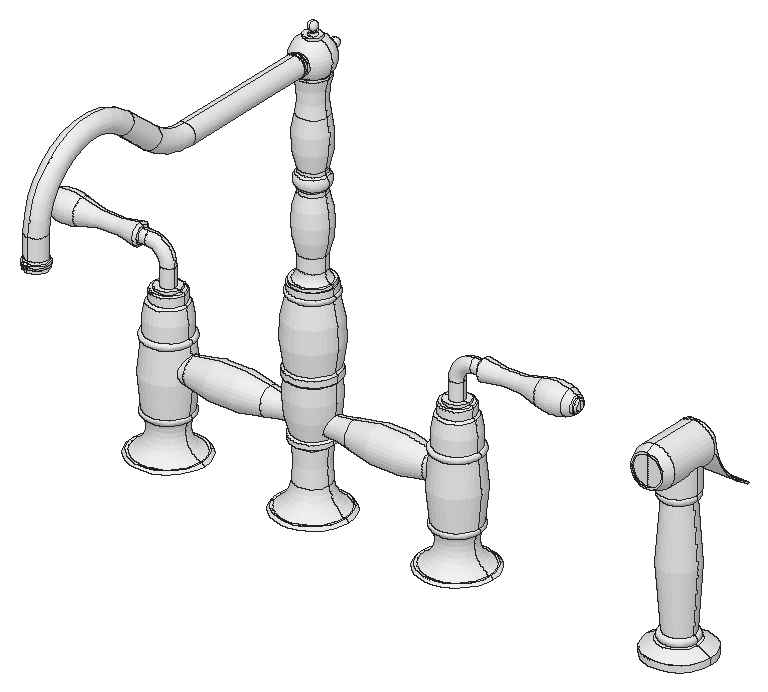
Revit family "Faucet_Kitchen-DXV-Victorian-D35402250_Series", category Plumbing Fixtures, Revit 2019
Family settings
  Round Connector Dimension = Use Diameter
  Part Type = Normal
  OmniClass Number = 23.45.55.17
  OmniClass Title = Mixing Faucets
  Work Plane-Based = Yes
  Always vertical = No
  Cut with Voids When Loaded = No
  Shared = Yes
  Room Calculation Point = No
Parameters (values of type "D35402250.100")
  Width = 4 3/8"  # constant formula
  Waste Connection = no
  Warranty Documentation Link = "https://www.dxv.com/-/media/files/dxv/warranty/dxv_warranty_booklet.ashx"
  WFU = 2  # constant formula
  Vent Connection = no
  URL = "http://www.dxv.com/"
  Tempered Water Connection Diameter = 1/2"  # constant formula
  Tempered Water Connection = yes
  Side Spray Radius = if(Side Spray Option, 3/16", 0")  # 3/16"
  Side Spray Option = yes
  Side Spray Diameter = Side Spray Radius * 2  # 3/8"
  Side Spray Connection Description = if(Side Spray Option, "3/8'' Supply Inlet", " ")  # "3/8'' Supply Inlet"
  Product Page URL = "https://www.dxv.com/product/victorian-bridge-kitchen-faucet-by-dxv"
  Product Documentation Link = "https://dxv01.blob.core.windows.net/dxv-product-pdf-files/spec_D35402250_DXV_Victorian_bridge_kitch_EN.PDF"
  Price = "Prices may vary. Please consult Manufacturer Representative for most up-to-date price list."  # constant formula
  Model = "D35402250.100"
  Material = "Brass-DXV-100-Polished Chrome"
  Manufacturer = "DXV"  # constant formula
  Length = 8 7/8"  # constant formula
  Installation Type = "Deck Mounted"  # constant formula
  IAPMO Compliance = "Meets or Exceeds ASME A112.18.1/ CSA B125.1/NSF 61/Section 9"  # constant formula
  Hot Water Connection Diameter = 1/2"  # constant formula
  Height = 12"  # constant formula
  HWFU = 1.5  # constant formula
  HW Connection = yes
  Flow Rate = "1.8 gpm (6.8 L/min)"  # constant formula
  Finish = Brass-DXV-100-Polished Chrome
  Description = "VICTORIAN BRIDGE KITCHEN FAUCET"  # constant formula
  Default Elevation = 0"
  Creation Date = "07/20/2022"  # constant formula
  Cold Water Connection Diameter = 1/2"  # constant formula
  CalGreen Compliant = yes
  CWFU = 1.5  # constant formula
  CW Connection = yes
  Assembly Code = "D2020300"
Reference planes (in)
  plane 1 "Center (Front/Back)": y = 0
  plane 2: z = 0
  plane 3 "Center (Left/Right)": x = -0.0625
  plane 4: z = 10.125
  plane 5: z = 13.0625
  plane 6: y = -9.5
  plane 7: x = 7.28125
  plane 8: x = -7.40625
  plane 9: z = 5.5
  plane 10: x = 10
  plane 11: z = 11.59375
  plane 12: x = -4.03125
  plane 13: x = 3.90625
Forms (in)
  Revolve 1, solid, material "Brass-DXV-100-Polished Chrome" <- "Finish"
    sketch origin (-0.03125, 0, 0) x (1, 0, 0) y (0, 0, 1)
      loop
        arc (0.42043, 0.72983) -> (0.39478, 1.19837) -> (0.42043, 1.66692) r 4.2923
        line (0.42043, 1.66692) -> (0.42043, 1.70983) -> (0.53444, 1.76299) -> (0.53444, 1.87813) -> (0.46995, 1.92328)
        arc (0.46995, 1.92328) -> (0.62384, 2.61275) -> (0.62026, 3.31917) r 3.15094
        line (0.62026, 3.31917) -> (0.64831, 3.34722) -> (0.64831, 3.51012) -> (0.6047, 3.58565)
        arc (0.6047, 3.58565) -> (0.69254, 4.45759) -> (0.5401, 5.32058) r 3.19414
        arc (0.5401, 5.32058) -> (0.59085, 5.3848) -> (0.54363, 5.45166) r 0.06836
        line (0.54363, 5.45166) -> (0.54363, 5.62101) -> (0.50621, 5.62101) -> (0.50621, 5.69198) -> (0.43363, 5.69198)
        arc (0.43363, 5.69198) -> (0.34568, 5.81671) -> (0.31705, 5.96663) r 0.36151
        line (0.31705, 5.96663) -> (0.31705, 6.34318)
        arc (0.31705, 6.34318) -> (0.44533, 7.09318) -> (0.31705, 7.84318) r 2.2566
        line (0.31705, 7.84318) -> (0.31705, 7.94422) -> (0.3613, 8.00742)
        arc (0.3613, 8.00742) -> (0.40614, 8.14961) -> (0.3613, 8.2918) r 0.2479
        line (0.3613, 8.2918) -> (0.31705, 8.355) -> (0.31705, 8.44425)
        arc (0.31705, 8.44425) -> (0.43223, 9.10811) -> (0.36364, 9.77839) r 2.46882
        arc (0.36364, 9.77839) -> (0.31651, 10.25317) -> (0.40235, 10.72249) r 1.71051
        line (0.40235, 10.72249) -> (0.40235, 10.78263) -> (0.36272, 10.78263)
        arc (0.36272, 10.78263) -> (0.46647, 11.36932) -> (-0.03125, 11.69679) r 0.54198
        line (-0.03125, 11.69679) -> (-0.03125, 0) -> (0.94726, 0) -> (0.88577, 0.07632) -> (0.83334, 0.07632)
        arc (0.83334, 0.07632) -> (0.55126, 0.35529) -> (0.42043, 0.72983) r 0.87967
      axis (-0.03125, 11.69679) -> (-0.03125, 0)
    angle from 0 to 360
  Revolve 2, solid, material "Brass-DXV-100-Polished Chrome" <- "Finish"
    sketch origin (-0.0625, 0, 0.15303) x (0, 1, 0) y (0, 0, 1)
      loop
        line (0, 11.44854) -> (0, 11.85924)
        arc (0, 11.85924) -> (-0.10867, 11.76989) -> (-0.04201, 11.646) r 0.11076
        line (-0.04201, 11.646) -> (-0.04201, 11.60841)
        arc (-0.04201, 11.60841) -> (-0.05206, 11.58548) -> (-0.07572, 11.57732) r 0.03119
        arc (-0.07572, 11.57732) -> (-0.08288, 11.54995) -> (-0.10849, 11.53794) r 0.03333
        line (-0.10849, 11.53794) -> (-0.23069, 11.53794) -> (-0.23069, 11.44854) -> (0, 11.44854)
      axis (0, 11.85924) -> (0, 11.44854)
    angle from 0 to 360
  Revolve 3, solid, material "Brass-DXV-100-Polished Chrome" <- "Finish"
    sketch origin (-0.0625, -11.2832, 11.43941) x (0, 0, -1) y (0, 1, 0)
      loop
        line (0.28125, 11.72979) -> (0.28125, 12.14237)
        arc (0.28125, 12.14237) -> (0.17108, 12.05321) -> (0.23533, 11.92688) r 0.11264
        line (0.23533, 11.92688) -> (0.23533, 11.88848)
        arc (0.23533, 11.88848) -> (0.22539, 11.86616) -> (0.20213, 11.85864) r 0.03001
        arc (0.20213, 11.85864) -> (0.19176, 11.83086) -> (0.1645, 11.81919) r 0.03767
        line (0.1645, 11.81919) -> (0.05056, 11.81919) -> (0.05056, 11.72979) -> (0.28125, 11.72979)
      axis (0.28125, 12.14237) -> (0.28125, 11.72979)
    angle from 0 to 360
  Revolve 4, solid, material "Brass-DXV-100-Polished Chrome" <- "Finish"
    sketch origin (-0.0625, 11.31445, 11.43941) x (0, 0, -1) y (0, -1, 0)
      loop
        line (0.28125, 11.72979) -> (0.28125, 11.94188) -> (0.00369, 11.94188) -> (0.00369, 11.90725)
        arc (0.00369, 11.90725) -> (-0.00683, 11.88295) -> (0.00369, 11.85864) r 0.03335
        arc (0.00369, 11.85864) -> (0.01776, 11.83892) -> (0.00369, 11.81919) r 0.02086
        line (0.00369, 11.81919) -> (0.00369, 11.72979) -> (0.28125, 11.72979)
      axis (0.28125, 11.94188) -> (0.28125, 11.72979)
    angle from 0 to 360
  Revolve 5, solid, material "Brass-DXV-100-Polished Chrome" <- "Finish"
    sketch origin (0, 0, 0) x (1, 0, 0) y (0, 0, 1)
      loop
        line (-4.03125, 2.25) -> (3.90625, 2.25) -> (3.90625, 2.64129) -> (3.37817, 2.64129)
        arc (3.37817, 2.64129) -> (3.29785, 2.60808) -> (3.21103, 2.61204) r 0.2002
        arc (3.21103, 2.61204) -> (2.15675, 2.75222) -> (1.10246, 2.61204) r 4.03465
        arc (1.10246, 2.61204) -> (0.52233, 2.52457) -> (-0.0625, 2.57136) r 2.56236
        arc (-0.0625, 2.57136) -> (-0.64733, 2.52457) -> (-1.22746, 2.61204) r 2.56236
        arc (-1.22746, 2.61204) -> (-2.28175, 2.75222) -> (-3.33603, 2.61204) r 4.03465
        arc (-3.33603, 2.61204) -> (-3.42285, 2.60808) -> (-3.50317, 2.64129) r 0.2002
        line (-3.50317, 2.64129) -> (-4.03125, 2.64129) -> (-4.03125, 2.25)
      axis (3.90625, 2.25) -> (-4.03125, 2.25)
    angle from 0 to 360
  Revolve 6, solid, material "Brass-DXV-100-Polished Chrome" <- "Finish"
    sketch origin (0, 0, 0) x (1, 0, 0) y (0, 0, 1)
      loop
        line (-4.03125, 4.12162) -> (-4.36216, 4.12162) -> (-4.36216, 4.06323) -> (-4.44326, 4.06323) -> (-4.47113, 4.01496) -> (-4.47113, 3.79487) -> (-4.53441, 3.73158)
        arc (-4.53441, 3.73158) -> (-4.60392, 3.36123) -> (-4.59978, 2.98444) r 1.92053
        arc (-4.59978, 2.98444) -> (-4.68193, 2.92204) -> (-4.62608, 2.8353) r 0.07595
        arc (-4.62608, 2.8353) -> (-4.70564, 1.97494) -> (-4.62608, 1.11459) r 4.69147
        arc (-4.62608, 1.11459) -> (-4.66448, 1.03897) -> (-4.60139, 0.98227) r 0.06968
        arc (-4.60139, 0.98227) -> (-4.54717, 0.45617) -> (-4.90027, 0.06242) r 0.65313
        line (-4.90027, 0.06242) -> (-4.95804, 0.06242) -> (-5.02046, 0) -> (-4.03125, 0) -> (-4.03125, 4.12162)
      axis (-4.03125, 4.12162) -> (-4.03125, 0)
    angle from 0 to 360
  Revolve 7, solid, material "Brass-DXV-100-Polished Chrome" <- "Finish"
    sketch origin (0, 0, 0) x (-1, 0, 0) y (0, 0, 1)
      loop
        line (-3.90625, 4.12162) -> (-4.23716, 4.12162) -> (-4.23716, 4.06323) -> (-4.31826, 4.06323) -> (-4.34613, 4.01496) -> (-4.34613, 3.79487) -> (-4.40941, 3.73158)
        arc (-4.40941, 3.73158) -> (-4.47892, 3.36123) -> (-4.47478, 2.98444) r 1.92053
        arc (-4.47478, 2.98444) -> (-4.55693, 2.92204) -> (-4.50108, 2.8353) r 0.07595
        arc (-4.50108, 2.8353) -> (-4.58064, 1.97494) -> (-4.50108, 1.11459) r 4.69147
        arc (-4.50108, 1.11459) -> (-4.53948, 1.03897) -> (-4.47639, 0.98227) r 0.06968
        arc (-4.47639, 0.98227) -> (-4.42217, 0.45617) -> (-4.77527, 0.06242) r 0.65313
        line (-4.77527, 0.06242) -> (-4.83304, 0.06242) -> (-4.89546, 0) -> (-3.90625, 0) -> (-3.90625, 4.12162)
      axis (-3.90625, 4.12162) -> (-3.90625, 0)
    angle from 0 to 360
  Revolve 8, solid, material "Brass-DXV-100-Polished Chrome" <- "Finish"
    sketch origin (0, 0, 0) x (1, 0, 0) y (0, 0, 1)
      loop
        line (10.8776, 0) -> (10.8776, 0.17325) -> (10.54576, 0.36484) -> (10.39898, 0.36484)
        arc (10.39898, 0.36484) -> (10.49931, 0.46517) -> (10.39898, 0.56549) r 0.10033
        arc (10.39898, 0.56549) -> (10.51147, 2.20776) -> (10.39898, 3.85004) r 12.04452
        arc (10.39898, 3.85004) -> (10.49793, 3.94898) -> (10.39898, 4.04793) r 0.09894
        line (10.39898, 4.04793) -> (10.51083, 4.04793) -> (10.51083, 4.88166) -> (10, 4.88166) -> (10, 0) -> (10.8776, 0)
      axis (10, 0) -> (10, 4.88166)
    angle from 0 to 360
  Revolve 9, solid, material "Brass-DXV-100-Polished Chrome" <- "Finish"
    sketch origin (0, 0, -0.02344) x (-1, 0, 0) y (0, 0, 1)
      loop
        line (-7.2837, 5.12886) -> (-4.61259, 5.12886) -> (-4.61259, 5.3498) -> (-4.67705, 5.41426)
        arc (-4.67705, 5.41426) -> (-5.47712, 5.32283) -> (-6.26986, 5.46434) r 2.78228
        arc (-6.26986, 5.46434) -> (-6.63654, 5.52035) -> (-7.00088, 5.45064) r 1.0943
        arc (-7.00088, 5.45064) -> (-7.09536, 5.40824) -> (-7.18383, 5.35438) r 0.82913
        line (-7.18383, 5.35438) -> (-7.20767, 5.31985) -> (-7.24883, 5.296) -> (-7.2837, 5.24551) -> (-7.2837, 5.12886)
      axis (-4.61259, 5.12886) -> (-7.2837, 5.12886)
    angle from 0 to 360
  Sweep 10, solid, material "Brass-DXV-100-Polished Chrome" <- "Finish"
    path origin (0, 0, 0) x (1, 0, 0) y (0, 0, 1)
      loop
        line (3.90625, 4.12162) -> (3.90625, 4.60543)
        arc (3.90625, 4.60543) -> (4.0527, 4.95898) -> (4.40625, 5.10543) r 0.5
        line (4.40625, 5.10543) -> (4.67705, 5.10543)
    profile origin (3.90625, 0, 4.36352) x (-1, 0, 0) y (0, -1, 0)
      loop
        circle (0, 0) r 0.18079
  Sweep 11, solid, material "Brass-DXV-100-Polished Chrome" <- "Finish"
    path origin (0, 0, 0) x (-1, 0, 0) y (0, 0, 1)
      loop
        line (4.03125, 4.12162) -> (4.03125, 4.60543)
        arc (4.03125, 4.60543) -> (4.1777, 4.95898) -> (4.53125, 5.10543) r 0.5
        line (4.53125, 5.10543) -> (4.80205, 5.10543)
    profile origin (-4.03125, 0, 4.36352) x (-1, 0, 0) y (0, -1, 0)
      loop
        circle (0, 0) r 0.18079
  Revolve 12, solid, material "Brass-DXV-100-Polished Chrome" <- "Finish"
    sketch origin (10, 0, 0) x (0, 1, 0) y (0, 0, 1)
      loop
        line (0.51936, 5.5) -> (-0.82847, 5.5) -> (-1.10156, 5.39517) -> (-1.10156, 5.35082) -> (-1.04499, 5.35082) -> (-1.04499, 5.24908) -> (-1.0764, 5.33091) -> (-1.0764, 4.94918) -> (0.51936, 4.94918) -> (0.51936, 5.5)
      axis (0.51936, 4.94918) -> (-1.10156, 4.94918)
    angle from 0 to 360
  Extrusion 13, solid, material "Brass-DXV-100-Polished Chrome" <- "Finish"
    sketch origin (-0.0625, 0, 0) x (0, 1, 0) y (0, 0, 1)
      loop
        line (0.5206, 5.46685) -> (0.5206, 4.83522) -> (0.70708, 4.73454)
        arc (0.70708, 4.73454) -> (1.11981, 4.03197) -> (1.77759, 3.55105) r 2.00943
        arc (1.77759, 3.55105) -> (1.7726, 3.58922) -> (1.73838, 3.60685) r 0.04148
        arc (1.73838, 3.60685) -> (1.05566, 4.13779) -> (0.66693, 4.91037) r 1.96553
        arc (0.66693, 4.91037) -> (0.61727, 5.17833) -> (0.60063, 5.45033) r 2.23195
        arc (0.60063, 5.45033) -> (0.5906, 5.48032) -> (0.56453, 5.49823) r 0.04982
        arc (0.56453, 5.49823) -> (0.53951, 5.48681) -> (0.5206, 5.46685) r 0.07204
    from 9.52143 to 10.54387
  Extrusion 14, void
    sketch origin (0, 0, 0) x (1, 0, 0) y (0, 0, 1)
      loop
        line (10.55082, 4.94918) -> (10.55082, 5.72787) -> (9.44918, 5.72787) -> (9.44918, 4.94918)
        arc (9.44918, 4.94918) -> (10, 5.5) -> (10.55082, 4.94918) r 0.55082
    from -1.34132 to 0
  Sweep 15, solid, material "Brass-DXV-100-Polished Chrome" <- "Finish"
    path origin (-0.0625, 0, 0) x (0, 1, 0) y (0, 0, 1)
      loop
        line (-0.62743, 11.15816) -> (-4.3899, 11.15816)
        arc (-4.3899, 11.15816) -> (-5.02406, 11.26859) -> (-5.58356, 11.58686) r 1.87616
        line (-5.58356, 11.58686) -> (-6.53632, 12.37256)
        arc (-6.53632, 12.37256) -> (-8.46119, 12.61345) -> (-9.5, 10.97514) r 1.81129
        line (-9.5, 10.97514) -> (-9.5, 10.125)
    profile origin (-0.0625, -2.50866, 11.15816) x (0, 0, -1) y (1, 0, 0)
      loop
        circle (0, 0) r 0.27756
  Revolve 16, solid, material "Brass-DXV-100-Polished Chrome" <- "Finish"
    sketch origin (-0.0625, 0, 0) x (0, 1, 0) y (0, 0, 1)
      loop
        line (-9.22244, 10.12306) -> (-9.19119, 10.12306) -> (-9.19119, 10.20241) -> (-9.16713, 10.22647)
        arc (-9.16713, 10.22647) -> (-9.15888, 10.24639) -> (-9.16713, 10.26631) r 0.02817
        line (-9.16713, 10.26631) -> (-9.16713, 10.30474) -> (-9.20392, 10.3305) -> (-9.22244, 10.40261) -> (-9.22244, 10.12306)
      axis (-9.5, 10.40261) -> (-9.5, 10.12306)
    angle from 0 to 360
  Revolve 17, solid, material "Brass-DXV-100-Polished Chrome" <- "Finish"
    sketch origin (-0.0625, 0, -0.02344) x (1, 0, 0) y (0, 0, 1)
      loop
        line (-7.3462, 5.12886) -> (-4.67509, 5.12886) -> (-4.67509, 5.3498) -> (-4.73955, 5.41426)
        arc (-4.73955, 5.41426) -> (-5.53962, 5.32283) -> (-6.33236, 5.46434) r 2.78228
        arc (-6.33236, 5.46434) -> (-6.69904, 5.52035) -> (-7.06338, 5.45064) r 1.0943
        arc (-7.06338, 5.45064) -> (-7.15786, 5.40824) -> (-7.24633, 5.35438) r 0.82913
        line (-7.24633, 5.35438) -> (-7.27017, 5.31985) -> (-7.31133, 5.296) -> (-7.3462, 5.24551) -> (-7.3462, 5.12886)
      axis (-4.67509, 5.12886) -> (-7.3462, 5.12886)
    angle from 0 to 360
Cuts and joins
  joined: Revolve 2, Revolve 3, Revolve 4, Revolve 5, Revolve 6, Revolve 7, Revolve 9, Sweep 10, Sweep 11
  Extrusion 14 cuts Revolve 8
  Extrusion 14 cuts Revolve 12
  joined: Revolve 8, Revolve 12
  Extrusion 14 cuts Extrusion 13
Lines and regions (in)
  Masking region 1
    outline origin (0, 0, 0) x (1, 0, 0) y (0, 1, 0)
      loop
        line (-7.4087, 0.11665) -> (-7.4087, -0.11665) -> (-7.37383, -0.16713) -> (-7.33267, -0.19098) -> (-7.30883, -0.22552)
        arc (-7.30883, -0.22552) -> (-6.92474, -0.37485) -> (-6.51274, -0.36589) r 1.05655
        arc (-6.51274, -0.36589) -> (-5.76738, -0.19941) -> (-5.00468, -0.23908) r 2.81927
        arc (-5.00468, -0.23908) -> (-4.12385, -0.99808) -> (-3.11842, -0.41409) r 1.00236
        arc (-3.11842, -0.41409) -> (-2.28097, -0.50596) -> (-1.44353, -0.41409) r 3.86274
        arc (-1.44353, -0.41409) -> (-1.21752, -0.35842) -> (-0.98876, -0.31547) r 4.16342
        arc (-0.98876, -0.31547) -> (-0.7402, -0.70583) -> (-0.34006, -0.93832) r 0.97851
        line (-0.34006, -0.93832) -> (-0.34006, -9.29957)
        arc (-0.34006, -9.29957) -> (-0.0625, -9.84237) -> (0.21506, -9.29957) r 0.34237
        line (0.21506, -9.29957) -> (0.21506, -0.93832)
        arc (0.21506, -0.93832) -> (0.61828, -0.70287) -> (0.86648, -0.30737) r 0.97851
        arc (0.86648, -0.30737) -> (1.10971, -0.35356) -> (1.34978, -0.41409) r 4.17185
        arc (1.34978, -0.41409) -> (2.15597, -0.4993) -> (2.96217, -0.41409) r 3.85609
        arc (2.96217, -0.41409) -> (3.99855, -1.02676) -> (4.90905, -0.23908) r 1.0309
        arc (4.90905, -0.23908) -> (5.63093, -0.20382) -> (6.33799, -0.3536) r 2.81394
        arc (6.33799, -0.3536) -> (6.77445, -0.37899) -> (7.18383, -0.22552) r 1.05655
        line (7.18383, -0.22552) -> (7.20767, -0.19098) -> (7.24883, -0.16713) -> (7.2837, -0.11665) -> (7.2837, 0.11665) -> (7.24883, 0.16713) -> (7.20767, 0.19098) -> (7.18383, 0.22552)
        arc (7.18383, 0.22552) -> (6.79974, 0.37485) -> (6.38774, 0.36589) r 1.05655
        arc (6.38774, 0.36589) -> (5.64238, 0.19941) -> (4.87968, 0.23908) r 2.81927
        arc (4.87968, 0.23908) -> (3.99885, 0.99808) -> (2.99342, 0.41409) r 1.00236
        arc (2.99342, 0.41409) -> (2.15597, 0.50596) -> (1.31853, 0.41409) r 3.86274
        arc (1.31853, 0.41409) -> (1.06622, 0.35281) -> (0.81058, 0.30737) r 4.16342
        arc (0.81058, 0.30737) -> (-0.0625, 0.9256) -> (-0.93558, 0.30737) r 0.9256
        arc (-0.93558, 0.30737) -> (-1.19122, 0.35281) -> (-1.44353, 0.41409) r 4.16342
        arc (-1.44353, 0.41409) -> (-2.28097, 0.50596) -> (-3.11842, 0.41409) r 3.86274
        arc (-3.11842, 0.41409) -> (-4.12385, 0.99808) -> (-5.00468, 0.23908) r 1.00236
        arc (-5.00468, 0.23908) -> (-5.76738, 0.19941) -> (-6.51274, 0.36589) r 2.81927
        arc (-6.51274, 0.36589) -> (-6.92474, 0.37485) -> (-7.30883, 0.22552) r 1.05655
        line (-7.30883, 0.22552) -> (-7.33267, 0.19098) -> (-7.37383, 0.16713) -> (-7.4087, 0.11665)
      loop
        arc (10.55082, -0.68321) -> (10.87727, 0.02402) -> (10.51262, 0.71233) r 0.8776
        line (10.51262, 0.71233) -> (10.51262, 1.78014) -> (9.49018, 1.78014) -> (9.49018, 0.71433)
        arc (9.49018, 0.71433) -> (9.12277, 0.02574) -> (9.44918, -0.68321) r 0.8776
        line (9.44918, -0.68321) -> (9.44918, -0.82847) -> (9.55401, -1.10156) -> (10.44599, -1.10156) -> (10.55082, -0.82847) -> (10.55082, -0.68321)
  symbolic lines, detail levels fine
    curve 1: line (-7.37383, 0.16713, 0) -> (-7.37383, -0.16713, 0)
    curve 3: line (-7.30883, 0.22552, 0) -> (-7.30883, -0.22552, 0)
    curve 8: arc (-4.43226, -0.18079, 0) -> (-3.59137, 0, 0) -> (-4.43226, 0.18079, 0) r 0.43988
    curve 12: arc (-4.49742, -0.18079, 0) -> (-3.53125, 0, 0) -> (-4.49742, 0.18079, 0) r 0.5
    curve 14: arc (-3.25198, 0.38462, 0) -> (-4.09295, 0.86683, 0) -> (-4.85714, 0.27038, 0) r 0.86902
    curve 21: arc (-4.8555, -0.27534, 0) -> (-4.09034, -0.86701, 0) -> (-3.25198, -0.38462, 0) r 0.86902
    curve 25: arc (0.22291, -0.55658, 0) -> (0.54811, 0.13559, 0) -> (-0.03948, 0.62506, 0) r 0.62549
    curve 30: line (-0.34006, -0.62743, 0) -> (0.21506, -0.62743, 0)
    curve 41: arc (0.21463, -0.50367, 0) -> (0.5118, 0.02589, 0) -> (0.16819, 0.52657, 0) r 0.57488
    curve 52: arc (-0.29319, 0.52657, 0) -> (-0.63685, 0.02478, 0) -> (-0.33768, -0.50474, 0) r 0.57488
    curve 53: arc (-0.11819, 0.57218, 0) -> (-0.19551, 0.55928, 0) -> (-0.27035, 0.53599, 0) r 0.57488
    curve 54: arc (-0.08552, 0.62506, 0) -> (-0.67311, 0.13559, 0) -> (-0.34791, -0.55658, 0) r 0.62549
    curve 56: arc (0.14535, 0.53599, 0) -> (0.07144, 0.55906, 0) -> (-0.00489, 0.57199, 0) r 0.57488
    curve 76: line (7.24883, 0.16713, 0) -> (7.24883, -0.16713, 0)
    curve 78: line (7.18383, 0.22552, 0) -> (7.18383, -0.22552, 0)
    curve 83: arc (4.30726, -0.18079, 0) -> (3.46637, 0, 0) -> (4.30726, 0.18079, 0) r 0.43988
    curve 84: arc (4.44697, -0.18079, 0) -> (3.33611, 0, 0) -> (4.44697, 0.18079, 0) r 0.57014
    curve 87: arc (4.37242, -0.18079, 0) -> (3.40625, 0, 0) -> (4.37242, 0.18079, 0) r 0.5
    curve 89: arc (3.12698, 0.38462, 0) -> (3.96795, 0.86683, 0) -> (4.73214, 0.27038, 0) r 0.86902
    curve 96: arc (4.7305, -0.27534, 0) -> (3.96534, -0.86701, 0) -> (3.12698, -0.38462, 0) r 0.86902
    curve 97: arc (-0.34053, -9.39821, 0) -> (-0.0625, -9.79608, 0) -> (0.21553, -9.39821, 0) r 0.29608
    curve 99: arc (-0.34053, -9.32063, 0) -> (-0.0625, -9.83087, 0) -> (0.21553, -9.32063, 0) r 0.33087
    curve 100: line (-0.34053, -9.30379, 0) -> (-0.34053, -9.49774, 0)
    curve 101: line (0.21553, -9.30379, 0) -> (0.21553, -9.49774, 0)
    curve 111: line (9.49018, 1.73838, 0) -> (10.51262, 1.73838, 0)
    curve 115: line (9.78944, 0.60064, 0) -> (9.95577, 0.56428, 0)
    curve 116: line (9.95577, 0.56428, 0) -> (9.81054, 0.52527, 0)
    curve 117: line (9.95577, 0.56428, 0) -> (10.04423, 0.56428, 0)
    curve 118: line (10.21056, 0.60064, 0) -> (10.04423, 0.56428, 0)
    curve 119: line (10.04423, 0.56428, 0) -> (10.18946, 0.52527, 0)
    curve 126: line (9.55401, -1.10156, 0) -> (10.44599, -1.10156, 0)
  symbolic lines, detail levels medium+fine
    curve 2: line (-7.33267, 0.19098, 0) -> (-7.33267, -0.19098, 0)
    curve 4: arc (-5.0044, 0.24024, 0) -> (-4.9025, 0.25956, 0) -> (-4.80205, 0.2854, 0) r 1.61188
    curve 5: arc (-4.03125, 0.18079, 0) -> (-3.85046, 0, 0) -> (-4.03125, -0.18079, 0) r 0.18079
    curve 6: line (-4.73759, 0.18079, 0) -> (-4.03125, 0.18079, 0)
    curve 7: line (-4.73759, -0.18079, 0) -> (-4.03125, -0.18079, 0)
    curve 9: arc (-4.57197, -0.18079, 0) -> (-3.46111, 0, 0) -> (-4.57197, 0.18079, 0) r 0.57014
    curve 10: arc (-4.92219, -0.2553, 0) -> (-4.10788, -0.92362, 0) -> (-3.19456, -0.39862, 0) r 0.92679
    curve 11: arc (-4.30841, -0.18079, 0) -> (-3.70034, 0, 0) -> (-4.30841, 0.18079, 0) r 0.33091
    curve 13: arc (-4.67966, -0.18079, 0) -> (-4.13775, -0.66467, 0) -> (-3.47179, -0.37433, 0) r 0.67314
    curve 15: arc (-3.47179, 0.37433, 0) -> (-3.39379, 0.3554, 0) -> (-3.31437, 0.36701, 0) r 0.21067
    curve 16: arc (-3.13186, 0.41157, 0) -> (-3.22372, 0.39177, 0) -> (-3.31437, 0.36701, 0) r 1.72915
    curve 17: arc (-3.19456, 0.39862, 0) -> (-4.10788, 0.92362, 0) -> (-4.92219, 0.2553, 0) r 0.92679
    curve 18: arc (-3.47179, 0.37433, 0) -> (-4.13775, 0.66467, 0) -> (-4.67966, 0.18079, 0) r 0.67314
    curve 19: arc (-3.47179, -0.37433, 0) -> (-3.39379, -0.3554, 0) -> (-3.31437, -0.36701, 0) r 0.21067
    curve 20: arc (-3.13186, -0.41157, 0) -> (-3.22372, -0.39177, 0) -> (-3.31437, -0.36701, 0) r 1.72915
    curve 22: circle (-0.0625, 0, 0) r 0.09412 normal (0, 0, 1)
    curve 23: circle (-0.0625, 0, 0) r 0.23069 normal (0, 0, 1)
    curve 24: arc (0.20848, -0.46415, 0) -> (0.47417, 0.0292, 0) -> (0.15653, 0.49081, 0) r 0.53746
    curve 26: line (-0.33963, -0.46415, 0) -> (0.21463, -0.46415, 0)
    curve 27: line (-0.33768, -0.50474, 0) -> (0.2123, -0.50474, 0)
    curve 28: line (-0.34006, -0.54418, 0) -> (0.21506, -0.54418, 0)
    curve 29: line (-0.34006, -0.5928, 0) -> (0.21506, -0.5928, 0)
    curve 31: arc (-0.34006, -0.50344, 0) -> (-0.32614, -0.52381, 0) -> (-0.34006, -0.54418, 0) r 0.02187
    curve 32: arc (-0.34006, -0.54418, 0) -> (-0.35003, -0.56849, 0) -> (-0.34006, -0.5928, 0) r 0.03464
    curve 33: line (-0.33963, -0.50367, 0) -> (-0.33963, -0.46415, 0)
    curve 34: line (-0.34006, -0.5928, 0) -> (-0.34006, -0.62743, 0)
    curve 35: line (-0.34006, -0.62743, 0) -> (-0.34006, -0.93832, 0)
    curve 36: arc (0.21506, -0.50344, 0) -> (0.20114, -0.52381, 0) -> (0.21506, -0.54418, 0) r 0.02187
    curve 37: arc (0.21506, -0.54418, 0) -> (0.22503, -0.56849, 0) -> (0.21506, -0.5928, 0) r 0.03464
    curve 38: line (0.21463, -0.50367, 0) -> (0.21463, -0.46415, 0)
    curve 39: line (0.21506, -0.5928, 0) -> (0.21506, -0.62743, 0)
    curve 40: line (0.21506, -0.62743, 0) -> (0.21506, -0.93832, 0)
    curve 42: arc (0.21506, -0.67115, 0) -> (0.65734, 0.09652, 0) -> (0.02845, 0.72057, 0) r 0.72628
    curve 43: line (-0.29319, 0.49081, 0) -> (0.16819, 0.49081, 0)
    curve 44: line (-0.29319, 0.53599, 0) -> (-0.29319, 0.49081, 0)
    curve 45: line (-0.29319, 0.53599, 0) -> (-0.15496, 0.53599, 0)
    curve 46: line (-0.11818, 0.57543, 0) -> (-0.00682, 0.57543, 0)
    curve 47: line (-0.08552, 0.65695, 0) -> (-0.03948, 0.65695, 0)
    curve 48: line (-0.03948, 0.65695, 0) -> (-0.03948, 0.60048, 0)
    curve 49: arc (-0.11818, 0.57543, 0) -> (-0.12837, 0.54806, 0) -> (-0.15496, 0.53599, 0) r 0.03803
    curve 50: arc (-0.11769, 0.57543, 0) -> (-0.0973, 0.58243, 0) -> (-0.08552, 0.60048, 0) r 0.03318
    curve 51: arc (-0.28153, 0.49081, 0) -> (-0.59917, 0.0292, 0) -> (-0.33348, -0.46415, 0) r 0.53746
    curve 55: arc (-0.15345, 0.72057, 0) -> (-0.78234, 0.09652, 0) -> (-0.34006, -0.67115, 0) r 0.72628
    curve 57: line (-0.08552, 0.65695, 0) -> (-0.08552, 0.60048, 0)
    curve 58: arc (-0.03948, 0.655, 0) -> (-0.0625, 0.84148, 0) -> (-0.08552, 0.655, 0) r 0.09466
    curve 59: line (0.16819, 0.53599, 0) -> (0.02996, 0.53599, 0)
    curve 60: arc (-0.00682, 0.57543, 0) -> (0.00337, 0.54806, 0) -> (0.02996, 0.53599, 0) r 0.03803
    curve 61: arc (-0.00731, 0.57543, 0) -> (-0.0277, 0.58243, 0) -> (-0.03948, 0.60048, 0) r 0.03318
    curve 62: arc (0.21506, -0.81883, 0) -> (0.54432, -0.61586, 0) -> (0.75214, -0.28964, 0) r 0.86459
    curve 63: arc (0.21506, -0.87401, 0) -> (0.57898, -0.65531, 0) -> (0.80539, -0.29613, 0) r 0.91702
    curve 64: arc (-0.73486, 0.27461, 0) -> (-0.77056, 0.27344, 0) -> (-0.80594, 0.27831, 0) r 0.21067
    curve 65: arc (-0.99237, 0.3016, 0) -> (-0.89884, 0.29249, 0) -> (-0.80594, 0.27831, 0) r 1.72915
    curve 66: arc (-0.73486, -0.27461, 0) -> (-0.77056, -0.27344, 0) -> (-0.80594, -0.27831, 0) r 0.21067
    curve 67: arc (-0.99237, -0.3016, 0) -> (-0.89884, -0.29249, 0) -> (-0.80594, -0.27831, 0) r 1.72915
    curve 68: arc (-0.93039, -0.29613, 0) -> (-0.70398, -0.65531, 0) -> (-0.34006, -0.87401, 0) r 0.91702
    curve 69: arc (-0.87714, -0.28964, 0) -> (-0.66932, -0.61586, 0) -> (-0.34006, -0.81883, 0) r 0.86459
    curve 70: arc (0.60986, 0.27461, 0) -> (0.64556, 0.27344, 0) -> (0.68094, 0.27831, 0) r 0.21067
    curve 71: arc (0.86737, 0.3016, 0) -> (0.77384, 0.29249, 0) -> (0.68094, 0.27831, 0) r 1.72915
    curve 72: arc (0.60986, -0.27461, 0) -> (0.64556, -0.27344, 0) -> (0.68094, -0.27831, 0) r 0.21067
    curve 73: arc (0.86737, -0.3016, 0) -> (0.77384, -0.29249, 0) -> (0.68094, -0.27831, 0) r 1.72915
    curve 74: arc (0.75214, 0.28964, 0) -> (-0.0625, 0.86459, 0) -> (-0.87714, 0.28964, 0) r 0.86459
    curve 75: arc (0.80539, 0.29613, 0) -> (-0.0625, 0.91702, 0) -> (-0.93039, 0.29613, 0) r 0.91702
    curve 77: line (7.20767, 0.19098, 0) -> (7.20767, -0.19098, 0)
    curve 79: arc (4.8794, 0.24024, 0) -> (4.7775, 0.25956, 0) -> (4.67705, 0.2854, 0) r 1.61188
    curve 80: arc (3.90625, 0.18079, 0) -> (3.72546, 0, 0) -> (3.90625, -0.18079, 0) r 0.18079
    curve 81: line (4.61259, 0.18079, 0) -> (3.90625, 0.18079, 0)
    curve 82: line (4.61259, -0.18079, 0) -> (3.90625, -0.18079, 0)
    curve 85: arc (4.79719, -0.2553, 0) -> (3.98288, -0.92362, 0) -> (3.06956, -0.39862, 0) r 0.92679
    curve 86: arc (4.18341, -0.18079, 0) -> (3.57534, 0, 0) -> (4.18341, 0.18079, 0) r 0.33091
    curve 88: arc (4.55466, -0.18079, 0) -> (4.01275, -0.66467, 0) -> (3.34679, -0.37433, 0) r 0.67314
    curve 90: arc (3.34679, 0.37433, 0) -> (3.26879, 0.3554, 0) -> (3.18937, 0.36701, 0) r 0.21067
    curve 91: arc (3.00686, 0.41157, 0) -> (3.09872, 0.39177, 0) -> (3.18937, 0.36701, 0) r 1.72915
    curve 92: arc (3.06956, 0.39862, 0) -> (3.98288, 0.92362, 0) -> (4.79719, 0.2553, 0) r 0.92679
    curve 93: arc (3.34679, 0.37433, 0) -> (4.01275, 0.66467, 0) -> (4.55466, 0.18079, 0) r 0.67314
    curve 94: arc (3.34679, -0.37433, 0) -> (3.26879, -0.3554, 0) -> (3.18937, -0.36701, 0) r 0.21067
    curve 95: arc (3.00686, -0.41157, 0) -> (3.09872, -0.39177, 0) -> (3.18937, -0.36701, 0) r 1.72915
    curve 98: arc (-0.34006, -9.49934, 0) -> (-0.06026, -9.77755, 0) -> (0.21501, -9.49487, 0) r 0.27756
    curve 102: line (4.61259, 0.22094, 0) -> (4.67705, 0.2854, 0)
    curve 103: line (4.61259, 0.22094, 0) -> (4.61259, -0.22094, 0)
    curve 104: arc (4.8794, -0.24024, 0) -> (4.7775, -0.25956, 0) -> (4.67705, -0.2854, 0) r 1.61188
    curve 105: line (4.61259, -0.22094, 0) -> (4.67705, -0.2854, 0)
    curve 106: line (-4.80205, 0.2854, 0) -> (-4.73759, 0.22094, 0)
    curve 107: line (-4.73759, 0.22094, 0) -> (-4.73759, -0.22094, 0)
    curve 108: line (-4.80205, 0.2854, 0) -> (-4.80205, -0.2854, 0)
    curve 109: arc (-5.0044, -0.24024, 0) -> (-4.9025, -0.25956, 0) -> (-4.80205, -0.2854, 0) r 1.61188
    curve 110: line (-4.80205, -0.2854, 0) -> (-4.73759, -0.22094, 0)
    curve 112: spline (9.49018, 0.61989, 0) -> (9.50428, 0.61587, 0) -> (9.52035, 0.61225, 0) -> (9.53832, 0.60905, 0) -> (9.55812, 0.60628, 0) -> (9.57967, 0.60396, 0) -> (9.60289, 0.60208, 0) -> (9.62767, 0.60067, 0) -> (9.65392, 0.59972, 0) -> (9.68154, 0.59925, 0) -> (9.71041, 0.59924, 0) -> (9.74041, 0.5997, 0) -> (9.77143, 0.60064, 0)
    curve 113: spline (10.22543, 0.60064, 0) -> (10.25745, 0.60075, 0) -> (10.2884, 0.60115, 0) -> (10.31813, 0.60186, 0) -> (10.34653, 0.60287, 0) -> (10.37348, 0.60416, 0) -> (10.39886, 0.60575, 0) -> (10.42255, 0.60761, 0) -> (10.44447, 0.60975, 0) -> (10.46452, 0.61215, 0) -> (10.48261, 0.61481, 0) -> (10.49867, 0.6177, 0) -> (10.51262, 0.62083, 0)
    curve 114: line (9.77143, 0.60064, 0) -> (10.22543, 0.60064, 0)
    curve 120: line (9.44918, 0.51936, 0) -> (10.55082, 0.51936, 0)
    curve 121: line (10.51262, 0.70708, 0) -> (10.51262, 0.51936, 0)
    curve 122: line (9.49018, 0.70708, 0) -> (9.49018, 0.51936, 0)
    curve 123: line (9.44918, 0.51936, 0) -> (9.44918, -0.66872, 0)
    curve 124: line (10.55082, 0.51936, 0) -> (10.55082, -0.68321, 0)
    curve 125: line (9.44918, -0.82847, 0) -> (10.55082, -0.82847, 0)
    curve 127: line (0.16819, 0.53599, 0) -> (0.16819, 0.49081, 0)
    curve 128: line (4.67705, 0.2854, 0) -> (4.67705, -0.2854, 0)
Dimensions and locks (in)
  equal spacing: plane 5, plane 11, plane 4
  plane 8 to plane 7 = 14 11/16"
  plane 8 to plane 12 = 3 3/8"
  plane 13 to plane 7 = 3 3/8"
  plane 12 to plane 13 = 7 15/16"
  equal spacing: plane 12, plane 3 "Center (Left/Right)", plane 13
  plane 7 to plane 8 = 14 11/16"
  equal spacing: plane 7, plane 3 "Center (Left/Right)", plane 8
  plane 12 to plane 8 = 3 3/8"
  plane 7 to plane 13 = 3 3/8"
  plane 9 to level = 5 1/2"
  plane 4 to level = 10 1/8"
  plane 1 "Center (Front/Back)" to plane 6 = 9 1/2"
Automatic sketch dimensions
  Revolve 1 sketch curve to level = 0"  (x2)
  plane 12 to Revolve 1 sketch curve = 1.49101"
  Revolve 1 sketch curve to Revolve 1 sketch curve = 0.0096"
  Revolve 1 sketch curve to plane 4 = 0.93073"
  Revolve 1 sketch curve to plane 3 "Center (Left/Right)" = 2.00384"
  Revolve 1 sketch curve to plane 3 "Center (Left/Right)" = 1.78002"
  plane 3 "Center (Left/Right)" to Revolve 1 sketch curve = 0"
  plane 3 "Center (Left/Right)" to Revolve 1 sketch curve = 0.18948"
  plane 3 "Center (Left/Right)" to Revolve 1 sketch curve = 0.3483"
  Revolve 1 sketch curve to Revolve 1 sketch curve = 0.15882"  (x2)
  Revolve 1 sketch curve to Revolve 1 sketch curve = 0.04425"  (x2)
  plane 3 "Center (Left/Right)" to Revolve 1 sketch curve = 0.39397"
  Revolve 1 sketch curve to Revolve 1 sketch curve = 0.03962"
  plane 3 "Center (Left/Right)" to Revolve 1 sketch curve = 0.45168"
  plane 9 to Revolve 1 sketch curve = 0.19198"
  Revolve 1 sketch curve to Revolve 1 sketch curve = 0.11658"
  Revolve 1 sketch curve to Revolve 1 sketch curve = 0.04952"
  Revolve 1 sketch curve to Revolve 1 sketch curve = 0.07258"
  Revolve 1 sketch curve to plane 9 = 0.11336"
  Revolve 1 sketch curve to Revolve 1 sketch curve = 0.0163"
  Revolve 1 sketch curve to Revolve 1 sketch curve = 0.06448"
  Revolve 1 sketch curve to Revolve 1 sketch curve = 0.02112"
  plane 3 "Center (Left/Right)" to Revolve 1 sketch curve = 0.63595"
  Revolve 1 sketch curve to Revolve 1 sketch curve = 0.01555"
  Revolve 1 sketch curve to Revolve 1 sketch curve = 0.02805"  (x2)
  Revolve 1 sketch curve to Revolve 1 sketch curve = 0.17224"
  level to Revolve 1 sketch curve = 0.07632"
  Revolve 1 sketch curve to Revolve 1 sketch curve = 0.86459"
  Revolve 1 sketch curve to Revolve 1 sketch curve = 0.05243"
  Revolve 1 sketch curve to Revolve 1 sketch curve = 0.06149"
  Revolve 1 sketch curve to Revolve 1 sketch curve = 0.40915"
  plane 4 to Revolve 1 sketch curve = 0.0581"
  Revolve 1 sketch curve to Revolve 1 sketch curve = 1.62324"
  plane 13 to Revolve 1 sketch curve = 0.74959"
  level to Revolve 1 sketch curve = 0.82516"
  level to Revolve 1 sketch curve = 1.19837"
  Revolve 1 sketch curve to Revolve 1 sketch curve = 0.93709"
  Revolve 1 sketch curve to Revolve 1 sketch curve = 0.04291"
  Revolve 1 sketch curve to Revolve 1 sketch curve = 0.05316"
  Revolve 1 sketch curve to Revolve 1 sketch curve = 0.11514"
  Revolve 1 sketch curve to Revolve 1 sketch curve = 0.04515"
  level to Revolve 1 sketch curve = 2.95008"
  Revolve 1 sketch curve to Revolve 1 sketch curve = 0.1629"
  Revolve 1 sketch curve to Revolve 1 sketch curve = 0.07552"
  Revolve 1 sketch curve to plane 9 = 1.16126"
  Revolve 1 sketch curve to plane 9 = 0.04834"
  Revolve 1 sketch curve to Revolve 1 sketch curve = 0.07097"
  Revolve 1 sketch curve to Revolve 1 sketch curve = 0.26599"
  Revolve 1 sketch curve to Revolve 1 sketch curve = 0.37655"
  plane 9 to Revolve 1 sketch curve = 1.59318"
  Revolve 1 sketch curve to Revolve 1 sketch curve = 0.10104"
  Revolve 1 sketch curve to Revolve 1 sketch curve = 0.0632"  (x2)
  Revolve 1 sketch curve to Revolve 1 sketch curve = 0.14219"
  Revolve 1 sketch curve to Revolve 1 sketch curve = 0.08925"
  plane 4 to Revolve 1 sketch curve = 0.59749"
  Revolve 1 sketch curve to Revolve 1 sketch curve = 0.06014"
  Revolve 1 sketch curve to plane 11 = 0.43893"
  Revolve 1 sketch curve to Revolve 1 sketch curve = 0"
  Revolve 1 sketch curve to level = 0.35124"
  plane 11 to Revolve 4 sketch curve = 0.15124"
  Revolve 4 sketch curve to Revolve 4 sketch curve = 0.00679"  (x2)
  Revolve 4 sketch curve to Revolve 4 sketch curve = 0.02283"
  Revolve 4 sketch curve to Revolve 4 sketch curve = 0.27756"
  Revolve 4 sketch curve to plane 1 "Center (Front/Back)" = 0.41533"
  Revolve 4 sketch curve to Revolve 4 sketch curve = 0.08941"
  Revolve 4 sketch curve to Revolve 4 sketch curve = 0.01972"
  Revolve 4 sketch curve to Revolve 4 sketch curve = 0.04403"
  Revolve 4 sketch curve to Revolve 4 sketch curve = 0.02431"
  Revolve 4 sketch curve to Revolve 4 sketch curve = 0.2121"
  Revolve 4 sketch curve to Revolve 4 sketch curve = 0"  (x2)
  Revolve 4 sketch curve to Revolve 4 sketch curve = 0.08733"
  Revolve 5 sketch curve to plane 12 = 0"  (x2)
  Revolve 5 sketch curve to plane 3 "Center (Left/Right)" = 0"
  Revolve 5 sketch curve to plane 13 = 0"
  Revolve 5 sketch curve to Revolve 5 sketch curve = 0.52808"
  Revolve 5 sketch curve to Revolve 5 sketch curve = 0.11483"  (x2)
  plane 12 to Revolve 5 sketch curve = 1.7495"
  Revolve 5 sketch curve to plane 3 "Center (Left/Right)" = 0.4954"
  plane 3 "Center (Left/Right)" to Revolve 5 sketch curve = 0.4954"
  Revolve 5 sketch curve to plane 13 = 1.7495"
  Revolve 5 sketch curve to plane 13 = 0.64291"
  Revolve 5 sketch curve to level = 1.28243"  (x2)
  level to Revolve 5 sketch curve = 2 1/4"
  Revolve 5 sketch curve to Revolve 5 sketch curve = 0.39129"  (x2)
  Revolve 5 sketch curve to Revolve 5 sketch curve = 0.16399"  (x2)
  Revolve 5 sketch curve to plane 9 = 0.41463"  (x2)
  Revolve 5 sketch curve to plane 12 = 1/2"
  Revolve 5 sketch curve to Revolve 5 sketch curve = 0"  (x4)
  Revolve 6 sketch curve to level = 0"
  Revolve 6 sketch curve to plane 12 = 0"  (x2)
  Revolve 6 sketch curve to plane 12 = 0.33091"
  Revolve 6 sketch curve to Revolve 6 sketch curve = 0.0811"
  Revolve 6 sketch curve to Revolve 6 sketch curve = 0.02787"
  Revolve 6 sketch curve to Revolve 6 sketch curve = 0.06328"  (x2)
  Revolve 6 sketch curve to plane 12 = 0.56473"
  Revolve 6 sketch curve to plane 12 = 0.57588"
  level to Revolve 6 sketch curve = 0.06242"
  Revolve 6 sketch curve to plane 12 = 0.86902"
  Revolve 6 sketch curve to Revolve 6 sketch curve = 0.05777"
  Revolve 6 sketch curve to Revolve 6 sketch curve = 0.06242"
  Revolve 6 sketch curve to Revolve 6 sketch curve = 0.21029"
  plane 12 to Revolve 6 sketch curve = 1.34055"
  plane 3 "Center (Left/Right)" to Revolve 6 sketch curve = 0.04833"
  Revolve 6 sketch curve to Revolve 6 sketch curve = 0.59558"
  Revolve 6 sketch curve to Revolve 6 sketch curve = 0.39374"
  level to Revolve 6 sketch curve = 1.97494"
  Revolve 6 sketch curve to Revolve 6 sketch curve = 1.8571"
  Revolve 6 sketch curve to Revolve 6 sketch curve = 0.285"
  Revolve 6 sketch curve to Revolve 6 sketch curve = 0.82274"
  Revolve 6 sketch curve to Revolve 6 sketch curve = 0.2201"
  Revolve 6 sketch curve to Revolve 6 sketch curve = 0.04827"
  Revolve 6 sketch curve to Revolve 6 sketch curve = 0.05839"
  Revolve 6 sketch curve to Revolve 6 sketch curve = 0.00735"
  Revolve 6 sketch curve to Revolve 6 sketch curve = 0.00541"
  Revolve 6 sketch curve to Revolve 6 sketch curve = 0.01894"
  Revolve 6 sketch curve to Revolve 6 sketch curve = 0.25387"
  Revolve 6 sketch curve to Revolve 6 sketch curve = 0.16303"
  Revolve 7 sketch curve to level = 0"
  Revolve 7 sketch curve to plane 13 = 0"  (x2)
  Revolve 7 sketch curve to plane 13 = 0.33091"
  Revolve 7 sketch curve to Revolve 7 sketch curve = 0.0811"
  Revolve 7 sketch curve to Revolve 7 sketch curve = 0.02787"
  Revolve 7 sketch curve to Revolve 7 sketch curve = 0.06328"  (x2)
  Revolve 7 sketch curve to plane 13 = 0.56473"
  Revolve 7 sketch curve to plane 13 = 0.57588"
  Revolve 7 sketch curve to level = 0.06242"
  Revolve 7 sketch curve to plane 13 = 0.86902"
  Revolve 7 sketch curve to Revolve 7 sketch curve = 0.05777"
  Revolve 7 sketch curve to Revolve 7 sketch curve = 0.06242"
  Revolve 7 sketch curve to Revolve 7 sketch curve = 0.21029"
  plane 13 to Revolve 7 sketch curve = 1.34055"
  plane 3 "Center (Left/Right)" to Revolve 7 sketch curve = 0.04833"
  Revolve 7 sketch curve to Revolve 7 sketch curve = 0.59558"
  Revolve 7 sketch curve to Revolve 7 sketch curve = 0.39374"
  Revolve 7 sketch curve to level = 1.97494"
  Revolve 7 sketch curve to Revolve 7 sketch curve = 1.8571"
  Revolve 7 sketch curve to Revolve 7 sketch curve = 0.285"
  Revolve 7 sketch curve to Revolve 7 sketch curve = 0.82274"
  Revolve 7 sketch curve to Revolve 7 sketch curve = 0.2201"
  Revolve 7 sketch curve to Revolve 7 sketch curve = 0.04827"
  Revolve 7 sketch curve to Revolve 7 sketch curve = 0.05839"
  Revolve 7 sketch curve to Revolve 7 sketch curve = 0.00735"
  Revolve 7 sketch curve to Revolve 7 sketch curve = 0.00541"
  Revolve 7 sketch curve to Revolve 7 sketch curve = 0.01894"
  Revolve 7 sketch curve to Revolve 7 sketch curve = 0.25387"
  Revolve 7 sketch curve to Revolve 7 sketch curve = 0.16303"
  Revolve 8 sketch curve to level = 0"
  Revolve 8 sketch curve to plane 10 = 0"  (x2)
  Revolve 8 sketch curve to plane 3 "Center (Left/Right)" = 1.47055"
  plane 10 to Revolve 8 sketch curve = 0.39898"  (x2)
  Revolve 8 sketch curve to Revolve 8 sketch curve = 0.51083"
  Revolve 8 sketch curve to Revolve 8 sketch curve = 0.14677"
  Revolve 8 sketch curve to Revolve 8 sketch curve = 0.33185"
  level to Revolve 8 sketch curve = 0.17325"
  level to Revolve 8 sketch curve = 0.36484"
  Revolve 8 sketch curve to Revolve 8 sketch curve = 0.10033"
  level to Revolve 8 sketch curve = 2.20776"
  Revolve 8 sketch curve to plane 9 = 1.55102"
  Revolve 8 sketch curve to Revolve 8 sketch curve = 0.09894"
  Revolve 8 sketch curve to plane 9 = 0.61834"
  Revolve 8 sketch curve to Revolve 8 sketch curve = 0"
  plane 9 to Revolve 8 sketch curve = 0.17322"
  Revolve 8 sketch curve to Revolve 8 sketch curve = 1"
  Revolve 9 sketch curve to plane 7 = 0.00245"
  plane 7 to Revolve 9 sketch curve = 0.03242"
  Revolve 9 sketch curve to Revolve 9 sketch curve = 0.04116"
  Revolve 9 sketch curve to Revolve 9 sketch curve = 0.02385"  (x2)
  plane 7 to Revolve 9 sketch curve = 0.57196"
  Revolve 9 sketch curve to Revolve 9 sketch curve = 0.09325"
  Revolve 9 sketch curve to plane 13 = 1.48343"
  plane 9 to Revolve 9 sketch curve = 0.10917"
  Revolve 9 sketch curve to plane 13 = 0.7708"
  Revolve 9 sketch curve to Revolve 9 sketch curve = 0.06446"  (x2)
  plane 9 to Revolve 9 sketch curve = 0.16905"
  Revolve 9 sketch curve to Revolve 9 sketch curve = 0.03454"
  Revolve 9 sketch curve to Revolve 9 sketch curve = 0.05049"
  Revolve 9 sketch curve to Revolve 9 sketch curve = 0.22094"
  Revolve 9 sketch curve to Revolve 9 sketch curve = 0.45439"
  Revolve 9 sketch curve to Revolve 9 sketch curve = 0.24823"
  plane 4 to Revolve 9 sketch curve = 2.0447"
  Revolve 9 sketch curve to Revolve 9 sketch curve = 0.08054"
  Revolve 9 sketch curve to Revolve 9 sketch curve = 0"  (x3)
  Sweep 10 sketch curve to plane 13 = 0"
  Sweep 10 sketch curve to Sweep 10 sketch curve = 1/2"
  Sweep 10 sketch curve to plane 9 = 0.89457"
  Sweep 10 sketch curve to Sweep 10 sketch curve = 0.2708"
  Sweep 10 sketch curve to Sweep 10 sketch curve = 0.4838"
  plane 1 "Center (Front/Back)" to Sweep 10 sketch curve = 0"
  Sweep 10 sketch curve to profile plane = 0"
  Sweep 11 sketch curve to plane 12 = 0"
  plane 12 to Sweep 11 sketch curve = 1/2"
  plane 9 to Sweep 11 sketch curve = 0.89457"
  Sweep 11 sketch curve to Sweep 11 sketch curve = 0.2708"
  Sweep 11 sketch curve to Sweep 11 sketch curve = 0.4838"
  plane 1 "Center (Front/Back)" to Sweep 11 sketch curve = 0"
  Sweep 11 sketch curve to profile plane = 0"
  Revolve 12 sketch curve to plane 9 = 0"
  Revolve 12 sketch curve to plane 1 "Center (Front/Back)" = 0"
  plane 1 "Center (Front/Back)" to Revolve 12 sketch curve = 0.82847"
  Revolve 12 sketch curve to Revolve 12 sketch curve = 0.21652"
  Revolve 12 sketch curve to Revolve 12 sketch curve = 0.03141"
  Revolve 12 sketch curve to Revolve 12 sketch curve = 0.02516"
  Revolve 12 sketch curve to plane 1 "Center (Front/Back)" = 0.51936"
  Revolve 12 sketch curve to plane 9 = 0.10483"
  Revolve 12 sketch curve to Revolve 12 sketch curve = 0.04435"
  Revolve 12 sketch curve to Revolve 12 sketch curve = 0.01991"
  Revolve 12 sketch curve to Revolve 12 sketch curve = 0.08183"
  Revolve 12 sketch curve to Revolve 12 sketch curve = 0.2999"
  Revolve 12 sketch curve to Revolve 12 sketch curve = 0.2898"
  Revolve 12 sketch curve to Revolve 12 sketch curve = 0"
  Extrusion 13 sketch curve to plane 1 "Center (Front/Back)" = 0.5206"
  Extrusion 13 sketch curve to Extrusion 13 sketch curve = 0.03021"
  Extrusion 13 sketch curve to Extrusion 13 sketch curve = 0.03057"
  Extrusion 13 sketch curve to Extrusion 13 sketch curve = 0.18648"
  Extrusion 13 sketch curve to Extrusion 13 sketch curve = 1.03158"
  Extrusion 13 sketch curve to plane 9 = 0.11412"
  Extrusion 13 sketch curve to Extrusion 13 sketch curve = 1.867"
  Extrusion 13 sketch curve to Extrusion 13 sketch curve = 0.03596"
  Extrusion 13 sketch curve to plane 9 = 0.04967"
  Extrusion 13 sketch curve to Extrusion 13 sketch curve = 0.22255"
  Extrusion 13 sketch curve to Extrusion 13 sketch curve = 0.61511"
  Extrusion 13 sketch curve to Extrusion 13 sketch curve = 0.10069"
  Extrusion 13 sketch curve to Extrusion 13 sketch curve = 1.16916"
  Extrusion 13 sketch curve to Extrusion 13 sketch curve = 0.00594"
  Extrusion 13 sketch curve to Extrusion 13 sketch curve = 0.02214"
  Extrusion 13 sketch curve to Extrusion 13 sketch curve = 0.01652"
  Extrusion 13 sketch curve to plane 9 = 0.00177"
  Extrusion 13 sketch curve to Extrusion 13 sketch curve = 0"  (x2)
  Extrusion 13 sketch curve to Extrusion 13 sketch curve = 0.00028"
  Extrusion 14 sketch curve to plane 10 = 0"
  plane 9 to Extrusion 14 sketch curve = 0.22787"
  Extrusion 14 sketch curve to plane 10 = 0.55082"
  Extrusion 14 sketch curve to plane 9 = 0.55082"
  Sweep 15 sketch curve to plane 6 = 0"
  Sweep 15 sketch curve to plane 4 = 0"
  Sweep 15 sketch curve to plane 11 = 0.61861"
  Sweep 15 sketch curve to plane 6 = 1.81129"
  Sweep 15 sketch curve to plane 5 = 0.68994"
  Sweep 15 sketch curve to plane 11 = 0.00689"
  Sweep 15 sketch curve to Sweep 15 sketch curve = 0.95276"
  Sweep 15 sketch curve to plane 5 = 0.02817"
  Sweep 15 sketch curve to Sweep 15 sketch curve = 1.19366"
  plane 1 "Center (Front/Back)" to Sweep 15 sketch curve = 0.62743"
  Sweep 15 sketch curve to plane 3 "Center (Left/Right)" = 0"
  Sweep 15 sketch curve to profile plane = 0"
  Revolve 16 sketch curve to plane 6 = 0"
  Revolve 16 sketch curve to plane 6 = 0.27756"
  Revolve 16 sketch curve to Revolve 16 sketch curve = 0.01852"
  Revolve 16 sketch curve to Revolve 16 sketch curve = 1/32"
  Revolve 16 sketch curve to Revolve 16 sketch curve = 0.00413"
  Revolve 16 sketch curve to Revolve 16 sketch curve = 0.03679"
  plane 4 to Revolve 16 sketch curve = 0.10147"
  Revolve 16 sketch curve to Revolve 16 sketch curve = 0.01992"  (x2)
  Revolve 16 sketch curve to Revolve 16 sketch curve = 0.02405"
  Revolve 16 sketch curve to plane 4 = 0.00194"
  Revolve 16 sketch curve to Revolve 16 sketch curve = 0.03843"
  Revolve 16 sketch curve to Revolve 16 sketch curve = 0.02576"
  Revolve 16 sketch curve to Revolve 16 sketch curve = 0.07211"
  plane 4 to Revolve 16 sketch curve = 0.03005"
  Revolve 16 sketch curve to Revolve 16 sketch curve = 0.225"
  Revolve 17 sketch curve to plane 8 = 0.00245"
  plane 8 to Revolve 17 sketch curve = 0.03242"
  Revolve 17 sketch curve to Revolve 17 sketch curve = 0.04116"
  Revolve 17 sketch curve to Revolve 17 sketch curve = 0.02385"  (x2)
  plane 8 to Revolve 17 sketch curve = 0.57196"
  Revolve 17 sketch curve to Revolve 17 sketch curve = 0.09325"
  Revolve 17 sketch curve to plane 12 = 1.48343"
  Revolve 17 sketch curve to plane 9 = 0.10917"
  Revolve 17 sketch curve to plane 12 = 0.7708"
  Revolve 17 sketch curve to Revolve 17 sketch curve = 0.06446"  (x2)
  Revolve 17 sketch curve to plane 9 = 0.16905"
  Revolve 17 sketch curve to Revolve 17 sketch curve = 0.03454"
  Revolve 17 sketch curve to Revolve 17 sketch curve = 0.05049"
  Revolve 17 sketch curve to Revolve 17 sketch curve = 0.22094"
  Revolve 17 sketch curve to Revolve 17 sketch curve = 0.45439"
  Revolve 17 sketch curve to Revolve 17 sketch curve = 0.24823"
  Revolve 17 sketch curve to plane 4 = 2.0447"
  Revolve 17 sketch curve to Revolve 17 sketch curve = 0.08054"
  Revolve 17 sketch curve to Revolve 17 sketch curve = 0"  (x3)
  Masking region 1 sketch curve to Masking region 1 sketch curve = 0"  (x14)
  plane 1 "Center (Front/Back)" to Masking region 1 sketch curve = 0"  (x4)
  Masking region 1 sketch curve to plane 12 = 0"
  Masking region 1 sketch curve to plane 3 "Center (Left/Right)" = 0"  (x2)
  Masking region 1 sketch curve to plane 13 = 0"
  Masking region 1 sketch curve to plane 10 = 0"
  plane 6 to Masking region 1 sketch curve = 0"
  Masking region 1 sketch curve to plane 12 = 1.4999"  (x2)
  plane 8 to Masking region 1 sketch curve = 0.66498"  (x2)
  plane 8 to Masking region 1 sketch curve = 0.09742"  (x2)
  Masking region 1 sketch curve to Masking region 1 sketch curve = 0.02385"  (x8)
  plane 8 to Masking region 1 sketch curve = 0.03242"  (x2)
  Masking region 1 sketch curve to plane 8 = 0.00245"
  plane 12 to Masking region 1 sketch curve = 1.75028"  (x2)
  Masking region 1 sketch curve to plane 3 "Center (Left/Right)" = 0.27756"
  Masking region 1 sketch curve to plane 3 "Center (Left/Right)" = 0.27269"  (x2)
  plane 3 "Center (Left/Right)" to Masking region 1 sketch curve = 0.27269"  (x2)
  plane 3 "Center (Left/Right)" to Masking region 1 sketch curve = 0.27756"
  Masking region 1 sketch curve to plane 13 = 1.75028"  (x2)
  plane 13 to Masking region 1 sketch curve = 1.4999"  (x2)
  Masking region 1 sketch curve to plane 7 = 0.66498"  (x2)
  Masking region 1 sketch curve to plane 7 = 0.09742"  (x2)
  Masking region 1 sketch curve to plane 7 = 0.03242"  (x2)
  plane 7 to Masking region 1 sketch curve = 0.00245"
  Masking region 1 sketch curve to plane 10 = 0.50982"
  Masking region 1 sketch curve to Masking region 1 sketch curve = 0.10483"  (x2)
  plane 10 to Masking region 1 sketch curve = 0.44599"
  Masking region 1 sketch curve to plane 6 = 0.20043"
  plane 1 "Center (Front/Back)" to Masking region 1 sketch curve = 4.42727"
  Masking region 1 sketch curve to Masking region 1 sketch curve = 1.07049"  (x3)
  plane 1 "Center (Front/Back)" to Masking region 1 sketch curve = 3.00876"  (x2)
  plane 1 "Center (Front/Back)" to Masking region 1 sketch curve = 0.93832"
  Masking region 1 sketch curve to Masking region 1 sketch curve = 0.27309"  (x2)
  plane 1 "Center (Front/Back)" to Masking region 1 sketch curve = 0.66565"  (x2)
  plane 1 "Center (Front/Back)" to Masking region 1 sketch curve = 0.22552"  (x2)
  Masking region 1 sketch curve to Masking region 1 sketch curve = 0.03454"  (x4)
  Masking region 1 sketch curve to Masking region 1 sketch curve = 0.05049"  (x4)
  Masking region 1 sketch curve to plane 1 "Center (Front/Back)" = 0.11665"  (x2)
  Masking region 1 sketch curve to plane 1 "Center (Front/Back)" = 0.66565"  (x2)
  Masking region 1 sketch curve to plane 1 "Center (Front/Back)" = 1.78014"
  Masking region 1 sketch curve to Masking region 1 sketch curve = 2.34311"  (x2)
  Masking region 1 sketch curve to Masking region 1 sketch curve = 0.34802"  (x2)
  Masking region 1 sketch curve to plane 1 "Center (Front/Back)" = 0.23908"  (x2)
  Masking region 1 sketch curve to plane 12 = 0.97343"
  plane 1 "Center (Front/Back)" to Masking region 1 sketch curve = 0.23908"  (x2)
  Masking region 1 sketch curve to plane 1 "Center (Front/Back)" = 0.41409"  (x4)
  plane 1 "Center (Front/Back)" to Masking region 1 sketch curve = 0.41409"  (x4)
  Masking region 1 sketch curve to plane 1 "Center (Front/Back)" = 0.30737"  (x2)
  plane 1 "Center (Front/Back)" to Masking region 1 sketch curve = 0.30737"
  Masking region 1 sketch curve to Masking region 1 sketch curve = 0.14526"  (x2)
  plane 10 to Masking region 1 sketch curve = 0.51262"
  Masking region 1 sketch curve to Masking region 1 sketch curve = 0.002"
  Masking region 1 sketch curve to plane 10 = 0.55082"
  curve 5 to curve 10 = 0"
  curve 5 to curve 21 = 0"
  curve 8 to curve 10 = 0"
  curve 8 to curve 12 = 0"
  curve 8 to curve 13 = 0"  (x2)
  curve 8 to curve 14 = 0"
  curve 8 to curve 18 = 0"
  curve 8 to curve 21 = 0"
  curve 9 to curve 10 = 0"  (x2)
  curve 9 to curve 11 = 0"  (x2)
  curve 9 to curve 17 = 0"  (x2)
  curve 12 to curve 13 = 0"
  curve 12 to curve 14 = 0"
  curve 13 to curve 18 = 0"
  curve 14 to curve 17 = 0"
  curve 14 to curve 21 = 0"
  curve 22 to curve 23 = 0"
  curve 22 to curve 24 = 0"  (x2)
  curve 22 to curve 25 = 0"
  curve 22 to curve 41 = 0"  (x2)
  curve 22 to curve 42 = 0"  (x2)
  curve 22 to curve 51 = 0"  (x2)
  curve 22 to curve 52 = 0"  (x2)
  curve 22 to curve 53 = 0"  (x2)
  curve 22 to curve 54 = 0"
  curve 22 to curve 55 = 0"  (x2)
  curve 22 to curve 56 = 0"  (x2)
  curve 22 to curve 62 = 0"
  curve 22 to curve 63 = 0"
  curve 22 to curve 68 = 0"
  curve 22 to curve 69 = 0"  (x2)
  curve 22 to curve 74 = 0"  (x2)
  curve 22 to curve 75 = 0"
  curve 23 to curve 25 = 0"
  curve 23 to curve 54 = 0"
  curve 23 to curve 63 = 0"
  curve 23 to curve 68 = 0"
  curve 23 to curve 75 = 0"
  curve 42 to curve 62 = 0"
  curve 74 to curve 75 = 0"
  curve 80 to curve 96 = 0"  (x2)
  curve 83 to curve 96 = 0"  (x2)
  curve 84 to curve 96 = 0"  (x2)
  curve 85 to curve 87 = 0"
  curve 85 to curve 96 = 0"  (x2)
  curve 86 to curve 87 = 0"  (x2)
  curve 86 to curve 88 = 0"
  curve 88 to curve 96 = 0"  (x2)
  curve 89 to curve 96 = 0"  (x2)
  curve 92 to curve 96 = 0"  (x2)
  curve 93 to curve 96 = 0"  (x2)
  curve 97 to curve 98 = 0"  (x2)
  curve 98 to curve 99 = 0"  (x2)
  plane 1 "Center (Front/Back)" to curve 12 = 0"
  curve 12 to plane 12 = 0"
  curve 98 to plane 3 "Center (Left/Right)" = 0"
  plane 1 "Center (Front/Back)" to curve 55 = 0"
  curve 55 to plane 3 "Center (Left/Right)" = 0"
  curve 58 to plane 3 "Center (Left/Right)" = 0"
  plane 1 "Center (Front/Back)" to curve 80 = 0"
  curve 80 to plane 13 = 0"
  plane 6 to curve 98 = 0"
  plane 1 "Center (Front/Back)" to curve 107 = 0.22094"
  curve 107 to plane 12 = 0.70634"
  curve 108 to curve 106 = 0.06446"
  curve 109 to plane 12 = 1.22238"
  curve 4 to plane 12 = 1.22238"
  plane 12 to curve 15 = 0.64724"
  plane 12 to curve 19 = 0.64724"
  curve 15 to curve 20 = 0.57038"
  curve 19 to curve 16 = 0.57038"
  curve 67 to plane 3 "Center (Left/Right)" = 1.05066"
  curve 65 to plane 3 "Center (Left/Right)" = 1.05066"
  curve 66 to plane 3 "Center (Left/Right)" = 0.69712"
  curve 64 to plane 3 "Center (Left/Right)" = 0.69712"
  curve 31 to plane 3 "Center (Left/Right)" = 0.28551"
  curve 31 to curve 34 = 0.00795"
